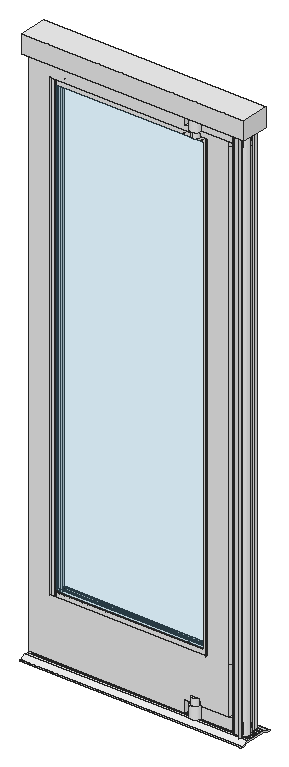
Revit family "Curtain_Door-Single-CRL-Balancer_Series-Aluminum-Full_Frame", category Doors, Revit 2015
Parameters (values of type "SEE CATALOG")
  URL = "http://www.crl-arch.com/index.html"
  Top Rail Height = 0' - 3 1/4"
  Thickness = Panel Thickness  # 0' - 1 7/8"
  Stile Width = 0' - 4 1/4"
  Show Hardware = yes
  Show Concealed Hinge [instance] = yes
  Short Arm = yes
  Product data url = "https://bimobject.com/crlaurence/product/crl-usaalum-balancer-series-full-framed"
  Product Page URL = "http://www.crl-arch.com/product_page/doors_entrances/balanced_doors.html"
  Product Documentation Link = "http://www.crl-arch.com/cad_pdf/doors_entrances/084236_balanced_doors/balancer/balancer_full_framed_balanced_doors.html"
  Panel Thickness = 0' - 1 7/8"
  Panel = Metal - C.R. Laurence - Clear Anodized – Aluminum
  Model = "Balancer Series"
  Material Note = "Custom paint is available please contact vendor for more information"  # constant formula
  Manufacturer = "C.R. Laurence - U.S. Aluminum"  # constant formula
  Long Arm = not(Short Arm)  # no
  Hinge Divide Calc = Hinge Arm Length + 0' 0 7/8" + 0' 2 1/2"  # 0' - 10 1/2"
  Hinge Arm Length = if(Short Arm, 0' 7 1/8", 0' 8 7/8")  # 0' - 7 1/8"
  Hardware Finish = Metal - C.R. Laurence - Clear Anodized – Aluminum
  Glass Thickness = 0' - 1"
  Glass = Glass - C.R. Laurence - Clear Glazing
  Function = Exterior
  Panel Arm Length = if(Short Arm, 1' 0 1/2", 1' 4")  # 1' - 0 1/2"
  Description = "Balancer Series Doors"  # constant formula
  Cylinder Location [instance] = if(Show Concealed Hinge, 0' 1 223/256", 0' 2 5/8")  # 0' - 1 223/256"
  Construction Note = "Maximum Size for Balancer Series is 48\" Wide x 108\" High (1219 x 2743 mm)"
  Bottom Rail Height = 0' - 9.99956"
  Assembly Code = "B2030110"
Reference planes (in)
  plane 1 "Center (Front/Back": y = 0
  plane 2: z = 0
  plane 3 "Center (Left/Right)": x = 21.24894
  plane 4 "Left": x = 3.24894
  plane 5 "Right": x = 39.24894
  plane 6 "Top": z = 90.21571
  plane 7: y = 0.9375
  plane 8: y = -0.9375
  plane 9: x = 39.12394
  plane 10: x = 3.37394
  plane 11: x = 7.62394
  plane 12: x = 31.50285
  plane 13: x = 35.75285
  plane 14: z = 0.6875
  plane 15: z = 10.68706
  plane 16: z = 42
  plane 17: z = 9.93706
  plane 18: x = 7.18644
  plane 19: x = 31.94035
  plane 20: z = 10.37456
  plane 21: z = 2.5011
  plane 22: x = 28.62394
  plane 23: y = 2.21875
  plane 24: y = -2.21875
  plane 25: z = 87.09071
  plane 26: z = 83.84071
  plane 27: z = 84.59071
  plane 28: z = 84.15321
  plane 29: z = 87.21571
  plane 30: z = 85.27711
  plane 31: z = 84.34071
  plane 32: z = 43.88911
  plane 33: x = 29.49894
  plane 34: x = 37.37785
Forms (in)
  Extrusion 1, solid, material "Metal - C.R. Laurence - Clear Anodized – Aluminum" <- "Panel"
    sketch origin (0, 0, 0) x (1, 0, 0) y (0, 1, 0)
      loop
        arc (7.3378, -0.77965) -> (7.32872, -0.80157) -> (7.3068, -0.81065) r 0.031
        line (7.3068, -0.81065) -> (7.0313, -0.81065) -> (6.77175, -0.5511) -> (6.77175, 0.54995) -> (7.0313, 0.8095) -> (7.3068, 0.8095)
        arc (7.3068, 0.8095) -> (7.32872, 0.80042) -> (7.3378, 0.7785) r 0.031
        line (7.3378, 0.7785) -> (7.3378, 0.6945)
        arc (7.3378, 0.6945) -> (7.34688, 0.67258) -> (7.3688, 0.6635) r 0.031
        line (7.3688, 0.6635) -> (7.59294, 0.6635)
        arc (7.59294, 0.6635) -> (7.61486, 0.67258) -> (7.62394, 0.6945) r 0.031
        line (7.62394, 0.6945) -> (7.62394, 0.8645) -> (6.8758, 0.8645) -> (6.8758, 0.9375) -> (3.5178, 0.9375)
        arc (3.5178, 0.9375) -> (3.37394, 0) -> (3.5178, -0.9375) r 3.12666
        line (3.5178, -0.9375) -> (6.8758, -0.9375) -> (6.8758, -0.86565) -> (7.62394, -0.86565) -> (7.62394, -0.69565)
        arc (7.62394, -0.69565) -> (7.61486, -0.67373) -> (7.59294, -0.66465) r 0.031
        line (7.59294, -0.66465) -> (7.3688, -0.66465)
        arc (7.3688, -0.66465) -> (7.34688, -0.67373) -> (7.3378, -0.69565) r 0.031
        line (7.3378, -0.69565) -> (7.3378, -0.77965)
      loop
        line (31.78899, -0.77965) -> (31.78899, -0.69565)
        arc (31.78899, -0.69565) -> (31.77991, -0.67373) -> (31.75799, -0.66465) r 0.031
        line (31.75799, -0.66465) -> (31.53385, -0.66465)
        arc (31.53385, -0.66465) -> (31.51193, -0.67373) -> (31.50285, -0.69565) r 0.031
        line (31.50285, -0.69565) -> (31.50285, -0.86565) -> (32.25098, -0.86565) -> (32.25098, -0.9375) -> (35.60899, -0.9375)
        arc (35.60899, -0.9375) -> (35.75285, 0) -> (35.60899, 0.9375) r 3.12666
        line (35.60899, 0.9375) -> (32.25098, 0.9375) -> (32.25098, 0.8645) -> (31.50285, 0.8645) -> (31.50285, 0.6945)
        arc (31.50285, 0.6945) -> (31.51193, 0.67258) -> (31.53385, 0.6635) r 0.031
        line (31.53385, 0.6635) -> (31.75799, 0.6635)
        arc (31.75799, 0.6635) -> (31.77991, 0.67258) -> (31.78899, 0.6945) r 0.031
        line (31.78899, 0.6945) -> (31.78899, 0.7785)
        arc (31.78899, 0.7785) -> (31.79806, 0.80042) -> (31.81998, 0.8095) r 0.031
        line (31.81998, 0.8095) -> (32.09549, 0.8095) -> (32.35504, 0.54995) -> (32.35504, -0.5511) -> (32.09549, -0.81065) -> (31.81998, -0.81065)
        arc (31.81998, -0.81065) -> (31.79806, -0.80157) -> (31.78899, -0.77965) r 0.031
    from 9.93706 to 84.59071
  Extrusion 2, solid, material "Metal - C.R. Laurence - Clear Anodized – Aluminum" <- "Panel"
    sketch origin (0, 0, 0) x (1, 0, 0) y (0, 1, 0)
      loop
        arc (35.61014, -0.9375) -> (35.754, 0) -> (35.61014, 0.9375) r 3.12666
        line (35.61014, 0.9375) -> (31.50285, 0.9375) -> (31.50285, -0.9375) -> (35.61014, -0.9375)
    from 2.5011 to 9.93706
  Extrusion 3, solid, material "Metal - C.R. Laurence - Clear Anodized – Aluminum" <- "Panel"
    sketch origin (0, 0, 63.25) x (1, 0, 0) y (0, 1, 0)
      loop
        arc (35.61014, -0.9375) -> (35.754, 0) -> (35.61014, 0.9375) r 3.12666
        line (35.61014, 0.9375) -> (31.50285, 0.9375) -> (31.50285, -0.9375) -> (35.61014, -0.9375)
    from 21.34071 to 22.02711
  Extrusion 4, solid, material "Metal - C.R. Laurence - Clear Anodized – Aluminum" <- "Panel", detail levels coarse
    sketch origin (0, 0, 0) x (1, 0, 0) y (0, 0, 1)
      loop
        line (35.75285, 85.27711) -> (28.62379, 85.27711) -> (28.62379, 87.09071) -> (3.37394, 87.09071) -> (3.37394, 83.84071) -> (35.75285, 83.84071) -> (35.75285, 85.27711)
      loop
        line (28.62379, 0.6875) -> (28.62379, 2.5011) -> (35.75285, 2.5011) -> (35.75285, 10.68706) -> (3.37394, 10.68706) -> (3.37394, 0.6875) -> (28.62379, 0.6875)
    from -0.9375 to 0.9375
  Extrusion 5, solid, material "Metal - C.R. Laurence - Clear Anodized – Aluminum" <- "Panel", detail levels coarse
    sketch origin (0, 0, 0) x (1, 0, 0) y (0, 1, 0)
      loop
        line (3.37394, 0.9375) -> (3.37394, -0.9375) -> (7.62394, -0.9375) -> (7.62394, 0.9375) -> (3.37394, 0.9375)
      loop
        line (31.50285, 0.9375) -> (31.50285, -0.9375) -> (35.75285, -0.9375) -> (35.75285, 0.9375) -> (31.50285, 0.9375)
    from 83.84071 to 10.68706
  Extrusion 6, solid, material "Metal - C.R. Laurence - Clear Anodized – Aluminum" <- "Panel"
    sketch origin (-32.37625, 0, 0) x (0, -1, 0) y (0, 0, 1)
      loop
        arc (0.77965, 10.40092) -> (0.80157, 10.39184) -> (0.81065, 10.36992) r 0.031
        line (0.81065, 10.36992) -> (0.81065, 10.09442) -> (0.5511, 9.83486) -> (-0.54995, 9.83486) -> (-0.8095, 10.09442) -> (-0.8095, 10.36992)
        arc (-0.8095, 10.36992) -> (-0.80042, 10.39184) -> (-0.7785, 10.40092) r 0.031
        line (-0.7785, 10.40092) -> (-0.6945, 10.40092)
        arc (-0.6945, 10.40092) -> (-0.67258, 10.41) -> (-0.6635, 10.43192) r 0.031
        line (-0.6635, 10.43192) -> (-0.6635, 10.65606)
        arc (-0.6635, 10.65606) -> (-0.67258, 10.67798) -> (-0.6945, 10.68706) r 0.031
        line (-0.6945, 10.68706) -> (-0.8645, 10.68706) -> (-0.8645, 9.93706) -> (-0.9375, 9.93706) -> (-0.9375, 0.6875) -> (0.9375, 0.6875) -> (0.9375, 9.93706) -> (0.86565, 9.93706) -> (0.86565, 10.68706) -> (0.69565, 10.68706)
        arc (0.69565, 10.68706) -> (0.67373, 10.67798) -> (0.66465, 10.65606) r 0.031
        line (0.66465, 10.65606) -> (0.66465, 10.43192)
        arc (0.66465, 10.43192) -> (0.67373, 10.41) -> (0.69565, 10.40092) r 0.031
        line (0.69565, 10.40092) -> (0.77965, 10.40092)
      loop
        line (0.77965, 84.12866) -> (0.69565, 84.12866)
        arc (0.69565, 84.12866) -> (0.67373, 84.11958) -> (0.66465, 84.09766) r 0.031
        line (0.66465, 84.09766) -> (0.66465, 83.87171)
        arc (0.66465, 83.87171) -> (0.67373, 83.84979) -> (0.69565, 83.84071) r 0.031
        line (0.69565, 83.84071) -> (0.86565, 83.84071) -> (0.86565, 84.59071) -> (0.9375, 84.59071) -> (0.9375, 87.09071) -> (-0.9375, 87.09071) -> (-0.9375, 84.59071) -> (-0.8645, 84.59071) -> (-0.8645, 83.84071) -> (-0.6945, 83.84071)
        arc (-0.6945, 83.84071) -> (-0.67258, 83.84979) -> (-0.6635, 83.87171) r 0.031
        line (-0.6635, 83.87171) -> (-0.6635, 84.09766)
        arc (-0.6635, 84.09766) -> (-0.67258, 84.11958) -> (-0.6945, 84.12866) r 0.031
        line (-0.6945, 84.12866) -> (-0.7785, 84.12866)
        arc (-0.7785, 84.12866) -> (-0.80042, 84.13774) -> (-0.8095, 84.15966) r 0.031
        line (-0.8095, 84.15966) -> (-0.8095, 84.43516) -> (-0.54995, 84.69472) -> (0.5511, 84.69472) -> (0.81065, 84.43516) -> (0.81065, 84.15966)
        arc (0.81065, 84.15966) -> (0.80157, 84.13774) -> (0.77965, 84.12866) r 0.031
    from -61.00019 to -40.00019
  Extrusion 7, solid, material "Metal - C.R. Laurence - Clear Anodized – Aluminum" <- "Panel"
    sketch origin (18.65524, 0, 0) x (0, -1, 0) y (0, 0, 1)
      loop
        arc (0.77965, 10.40092) -> (0.80157, 10.39184) -> (0.81065, 10.36992) r 0.031
        line (0.81065, 10.36992) -> (0.81065, 10.09442) -> (0.5511, 9.83486) -> (-0.54995, 9.83486) -> (-0.8095, 10.09442) -> (-0.8095, 10.36992)
        arc (-0.8095, 10.36992) -> (-0.80042, 10.39184) -> (-0.7785, 10.40092) r 0.031
        line (-0.7785, 10.40092) -> (-0.6945, 10.40092)
        arc (-0.6945, 10.40092) -> (-0.67258, 10.41) -> (-0.6635, 10.43192) r 0.031
        line (-0.6635, 10.43192) -> (-0.6635, 10.65606)
        arc (-0.6635, 10.65606) -> (-0.67258, 10.67798) -> (-0.6945, 10.68706) r 0.031
        line (-0.6945, 10.68706) -> (-0.8645, 10.68706) -> (-0.8645, 9.93706) -> (-0.9375, 9.93706) -> (-0.9375, 2.5011) -> (0.9375, 2.5011) -> (0.9375, 9.93706) -> (0.86565, 9.93706) -> (0.86565, 10.68706) -> (0.69565, 10.68706)
        arc (0.69565, 10.68706) -> (0.67373, 10.67798) -> (0.66465, 10.65606) r 0.031
        line (0.66465, 10.65606) -> (0.66465, 10.43192)
        arc (0.66465, 10.43192) -> (0.67373, 10.41) -> (0.69565, 10.40092) r 0.031
        line (0.69565, 10.40092) -> (0.77965, 10.40092)
      loop
        line (0.77965, 84.12866) -> (0.69565, 84.12866)
        arc (0.69565, 84.12866) -> (0.67373, 84.11958) -> (0.66465, 84.09766) r 0.031
        line (0.66465, 84.09766) -> (0.66465, 83.87171)
        arc (0.66465, 83.87171) -> (0.67373, 83.84979) -> (0.69565, 83.84071) r 0.031
        line (0.69565, 83.84071) -> (0.86565, 83.84071) -> (0.86565, 84.59071) -> (0.9375, 84.59071) -> (0.9375, 85.27711) -> (-0.9375, 85.27711) -> (-0.9375, 84.59071) -> (-0.8645, 84.59071) -> (-0.8645, 83.84071) -> (-0.6945, 83.84071)
        arc (-0.6945, 83.84071) -> (-0.67258, 83.84979) -> (-0.6635, 83.87171) r 0.031
        line (-0.6635, 83.87171) -> (-0.6635, 84.09766)
        arc (-0.6635, 84.09766) -> (-0.67258, 84.11958) -> (-0.6945, 84.12866) r 0.031
        line (-0.6945, 84.12866) -> (-0.7785, 84.12866)
        arc (-0.7785, 84.12866) -> (-0.80042, 84.13774) -> (-0.8095, 84.15966) r 0.031
        line (-0.8095, 84.15966) -> (-0.8095, 84.43516) -> (-0.54995, 84.69472) -> (0.5511, 84.69472) -> (0.81065, 84.43516) -> (0.81065, 84.15966)
        arc (0.81065, 84.15966) -> (0.80157, 84.13774) -> (0.77965, 84.12866) r 0.031
    from -9.9687 to -12.84761
  Extrusion 8, solid, material "Glass - C.R. Laurence - Clear Glazing" <- "Glass"
    sketch origin (0, 0, 0) x (1, 0, 0) y (0, 1, 0)
      loop
        line (7.18644, 0.5) -> (7.18644, -0.5) -> (31.94035, -0.5) -> (31.94035, 0.5) -> (7.18644, 0.5)
    from 10.37456 to 84.34071
  Extrusion 9, solid, material "Metal - C.R. Laurence - Clear Anodized – Aluminum" <- "Panel"
    sketch origin (3.24894, 0, 0) x (0, -1, 0) y (0, 0, 1)
      loop
        line (-2.21875, 87.21571) -> (2.21875, 87.21571) -> (2.21875, 90.21571) -> (-2.21875, 90.21571) -> (-2.21875, 87.21571)
    from -35.875 to -0.125
  Extrusion 10, solid, material "Metal - C.R. Laurence - Clear Anodized – Aluminum" <- "Panel"
    sketch origin (0, 0, 0) x (1, 0, 0) y (0, 1, 0)
      loop
        arc (3.5178, 0.9375) -> (3.37394, 0) -> (3.5178, -0.9375) r 3.12666
        line (3.5178, -0.9375) -> (7.62394, -0.9375) -> (7.62394, 0.9375) -> (3.5178, 0.9375)
    from 0.6875 to 9.93706
  Extrusion 11, solid, material "Metal - C.R. Laurence - Clear Anodized – Aluminum" <- "Panel"
    sketch origin (0, 0, 0) x (1, 0, 0) y (0, 1, 0)
      loop
        arc (3.5178, 0.9375) -> (3.37394, 0) -> (3.5178, -0.9375) r 3.12666
        line (3.5178, -0.9375) -> (7.62394, -0.9375) -> (7.62394, 0.9375) -> (3.5178, 0.9375)
    from 84.59071 to 87.09071
Cuts and joins
  joined: Extrusion 4, Extrusion 5
  joined: Extrusion 1, Extrusion 2, Extrusion 3, Extrusion 6, Extrusion 7, Extrusion 10, Extrusion 11
Lines and regions (in)
  symbolic lines, style "Elevation Swing"
    curve 1: line (3.37394, 0, 87.09071) -> (29.49894, 0, 43.88911)
    curve 2: line (29.49894, 0, 43.88911) -> (3.37394, 0, 0.6875)
    curve 3: line (35.75285, 0, 87.09071) -> (29.49894, 0, 43.88911)
    curve 4: line (35.75285, 0, 0.6875) -> (29.49894, 0, 43.88911)
Text (in)
  text "Exterior" at (-65.12119, 31.38743, 0), in view "Ref. Level"
  text "MS390" at (405.28343, -6.05399, 0), in view "Ref. Level"
  text "MS390" at (408.97405, -6.05399, 0), in view "Ref. Level"
  text "M751" at (403.09821, -4.35467, 0), in view "Ref. Level"
  text "M751" at (410.94956, -4.35467, 0), in view "Ref. Level"
Dimensions and locks (in)
  equal spacing: plane 4 "Left", plane 3 "Center (Left/Right)", plane 5 "Right"
  equal spacing: plane 7, plane 1 "Center (Front/Back", plane 8
  locked: plane 7 to plane 8 at 1.875
  locked: plane 14 to level at 0.6875
  "Bottom Rail Height": plane 15 to plane 14
  locked: level to plane 16 at 42
  plane 11 to Extrusion 1 sketch curve to Extrusion 1 sketch curve to Extrusion 1 sketch curve to Extrusion 1 sketch curve to Extrusion 1 sketch curve = 0' - 0.28614" locked, 0' - 0.3065" locked, 0' - 0" locked, 0' - 0.1555" locked, 0' - 0.10406" locked
  locked: plane 10 to Extrusion 1 sketch curve at 0
  plane 12 to Extrusion 1 sketch curve to Extrusion 1 sketch curve to Extrusion 1 sketch curve to Extrusion 1 sketch curve to Extrusion 1 sketch curve = 0' - 0.28614" locked, 0' - 0.3065" locked, 0' - 0" locked, 0' - 0.1555" locked, 0' - 0.10406" locked
  locked: plane 13 to Extrusion 1 sketch curve at 0
  locked: plane 13 to Extrusion 2 sketch curve at 0.00116
  locked: plane 17 to plane 15 at 0.75
  Extrusion 6 sketch curve to Extrusion 6 sketch curve to Extrusion 6 sketch curve to plane 15 = 0' - 0.25955" locked, 0' - 0.3065" locked, 0' - 0.28614" locked
  plane 7 to Extrusion 6 sketch curve to Extrusion 6 sketch curve to Extrusion 6 sketch curve to Extrusion 6 sketch curve = 0' - 0.073" locked, 0' - 0.055" locked, 0' - 0.146" locked, 0' - 0.11355" locked
  Extrusion 6 sketch curve to Extrusion 6 sketch curve to Extrusion 6 sketch curve to Extrusion 6 sketch curve to plane 8 = 0' - 0.11355" locked, 0' - 0.146" locked, 0' - 0.055" locked, 0' - 0.07185" locked
  Extrusion 7 sketch curve to Extrusion 7 sketch curve to Extrusion 7 sketch curve to plane 15 = 0' - 0.25955" locked, 0' - 0.3065" locked, 0' - 0.28614"
  plane 7 to Extrusion 7 sketch curve to Extrusion 7 sketch curve to Extrusion 7 sketch curve to Extrusion 7 sketch curve = 0' - 0.073" locked, 0' - 0.055" locked, 0' - 0.146" locked, 0' - 0.11355" locked
  Extrusion 7 sketch curve to Extrusion 7 sketch curve to Extrusion 7 sketch curve to Extrusion 7 sketch curve to plane 8 = 0' - 0.11355" locked, 0' - 0.146" locked, 0' - 0.055" locked, 0' - 0.07185" locked
  locked: plane 17 to plane 20 at 0.4375
  equal spacing: Extrusion 8 sketch curve, plane 1 "Center (Front/Back", Extrusion 8 sketch curve
  "Glass Thickness": Extrusion 8 sketch curve to Extrusion 8 sketch curve
  locked: plane 2 to plane 21 at 2.5011
  locked: plane 13 to Extrusion 3 sketch curve at 0.00116
  equal spacing: plane 23, plane 1 "Center (Front/Back", plane 24
  locked: plane 23 to plane 24 at 4.4375
  locked: plane 26 to plane 27 at 0.75
  locked: plane 28 to plane 27 at 0.4375
  Extrusion 6 sketch curve to Extrusion 6 sketch curve to Extrusion 6 sketch curve to plane 26 = 0' - 0.25955" locked, 0' - 0.3065" locked, 0' - 0.28795" locked
  Extrusion 6 sketch curve to Extrusion 6 sketch curve to Extrusion 6 sketch curve to Extrusion 6 sketch curve = 0' - 0.055" locked, 0' - 0.146" locked, 0' - 0.11355" locked
  Extrusion 6 sketch curve to Extrusion 6 sketch curve to Extrusion 6 sketch curve to Extrusion 6 sketch curve = 0' - 0.11355" locked, 0' - 0.146" locked, 0' - 0.055" locked
  Extrusion 7 sketch curve to Extrusion 7 sketch curve to Extrusion 7 sketch curve to plane 26 = 0' - 0.25955" locked, 0' - 0.3065" locked, 0' - 0.28795" locked
  Extrusion 7 sketch curve to Extrusion 7 sketch curve to Extrusion 7 sketch curve to Extrusion 7 sketch curve = 0' - 0.055" locked, 0' - 0.146" locked, 0' - 0.11355" locked
  Extrusion 7 sketch curve to Extrusion 7 sketch curve to Extrusion 7 sketch curve to Extrusion 7 sketch curve = 0' - 0.11355" locked, 0' - 0.146" locked, 0' - 0.055" locked
  plane 6 "Top" to plane 29 to plane 25 = 0' - 3" locked, 0' - 0 1/8" locked
  "Top Rail Height": plane 25 to plane 26
  locked: plane 30 to plane 25 at 1.8136
  locked: plane 31 to plane 28 at 0.1875
  equal spacing: plane 14, plane 32, plane 25
  locked: plane 4 "Left" to plane 10 at 0.125
  locked: plane 9 to plane 5 "Right" at 0.125
  "Cylinder Location": plane 34 to plane 5 "Right"
  locked: plane 13 to plane 34 at 1.625
  "Stile Width": plane 12 to plane 13
  "Stile Width": plane 10 to plane 11
  locked: plane 18 to plane 11 at 0.4375
  locked: plane 12 to plane 19 at 0.4375
  locked: plane 22 to plane 33 at 0.875
  "Hinge Divide Calc": plane 22 to plane 9
  aligned and locked: level to plane 2
  aligned and locked: Extrusion 1 sketch curve to Extrusion 1 sketch curve  (x4)
  aligned and locked: plane 7 to Extrusion 1 sketch curve
  aligned and locked: Extrusion 1 sketch curve to plane 8
  aligned and locked: plane 11 to Extrusion 1 sketch curve
  aligned and locked: Extrusion 1 sketch curve to plane 11
  aligned and locked: Extrusion 1 sketch curve to plane 7
  aligned and locked: plane 8 to Extrusion 1 sketch curve
  aligned and locked: plane 7 to Extrusion 2 sketch curve
  aligned and locked: Extrusion 2 sketch curve to plane 8
  aligned and locked: plane 12 to Extrusion 2 sketch curve
  aligned and locked: plane 13 to Extrusion 4 sketch curve  (x2)
  aligned and locked: plane 14 to Extrusion 4 sketch curve
  aligned and locked: plane 15 to Extrusion 4 sketch curve
  aligned and locked: plane 7 to Extrusion 4
  aligned and locked: Extrusion 4 to plane 8
  aligned and locked: Extrusion 5 sketch curve to plane 7  (x2)
  aligned and locked: Extrusion 5 sketch curve to plane 8  (x2)
  aligned and locked: Extrusion 5 sketch curve to plane 10
  aligned and locked: Extrusion 5 sketch curve to plane 11
  aligned and locked: Extrusion 5 sketch curve to plane 12
  aligned and locked: Extrusion 5 sketch curve to plane 13
  aligned and locked: Extrusion 5 to plane 15
  aligned and locked: plane 17 to Extrusion 2
  aligned and locked: Extrusion 1 to plane 17
  aligned and locked: Extrusion 6 sketch curve to Extrusion 6 sketch curve  (x4)
  aligned and locked: Extrusion 7 sketch curve to Extrusion 7 sketch curve  (x4)
  aligned and locked: plane 12 to Extrusion 7
  aligned and locked: Extrusion 6 sketch curve to plane 15
  aligned and locked: plane 17 to Extrusion 6 sketch curve
  aligned and locked: plane 14 to Extrusion 6 sketch curve
  aligned and locked: plane 8 to Extrusion 6 sketch curve
  aligned and locked: plane 7 to Extrusion 6 sketch curve
  aligned and locked: Extrusion 7 sketch curve to plane 15
  aligned and locked: plane 17 to Extrusion 7 sketch curve
  aligned and locked: plane 7 to Extrusion 7 sketch curve
  aligned and locked: plane 8 to Extrusion 7 sketch curve
  aligned and locked: Extrusion 8 sketch curve to plane 18
  aligned and locked: plane 19 to Extrusion 8 sketch curve
  aligned and locked: Extrusion 8 to plane 20
  aligned and locked: plane 9 to nested 1
  aligned and locked: plane 1 "Center (Front/Back" to nested 1
  aligned and locked: plane 19 to Extrusion 8
  aligned and locked: Extrusion 3 to Extrusion 1
  aligned and locked: nested 2 to plane 14
  aligned and locked: nested 2 to plane 1 "Center (Front/Back"
  aligned and locked: nested 3 to plane 1 "Center (Front/Back"
  aligned and locked: plane 13 to nested 3  (x2)
  aligned and locked: Extrusion 2 to plane 21
  aligned and locked: Extrusion 7 to plane 21
  aligned and locked: plane 21 to Extrusion 2
  aligned and locked: Extrusion 7 to plane 12  (x3)
  aligned and locked: Extrusion 3 to plane 12
  aligned and locked: Extrusion 7 to plane 22
  aligned and locked: plane 22 to Extrusion 6
  aligned and locked: Extrusion 3 to Extrusion 7
  aligned and locked: Extrusion 6 to Extrusion 7
  aligned and locked: Extrusion 2 to Extrusion 7
  aligned and locked: Extrusion 9 sketch curve to plane 23
  aligned and locked: plane 24 to Extrusion 9 sketch curve
  aligned and locked: plane 9 to Extrusion 9
  aligned and locked: nested 2 to plane 25
  aligned and locked: plane 25 to Extrusion 6 sketch curve
  aligned and locked: Extrusion 4 sketch curve to plane 26
  aligned and locked: Extrusion 9 sketch curve to plane 29
  aligned and locked: Extrusion 4 sketch curve to plane 25
  aligned and locked: plane 26 to Extrusion 5
  aligned and locked: Extrusion 9 to plane 6 "Top"
  aligned and locked: Extrusion 6 sketch curve to plane 26
  aligned and locked: plane 26 to Extrusion 6 sketch curve
  aligned and locked: plane 27 to Extrusion 6 sketch curve
  aligned and locked: Extrusion 7 sketch curve to plane 26
  aligned and locked: plane 26 to Extrusion 7 sketch curve
  aligned and locked: plane 27 to Extrusion 7 sketch curve
  aligned and locked: Extrusion 3 to plane 27
  aligned and locked: plane 27 to Extrusion 1
  aligned and locked: plane 27 to Extrusion 3  (x2)
  aligned and locked: plane 30 to Extrusion 3
  aligned and locked: plane 31 to Extrusion 8
  aligned and locked: plane 11 to Extrusion 6
  aligned and locked: Extrusion 9 to plane 10
  aligned and locked: plane 10 to nested 1
  aligned and locked: Extrusion 4 sketch curve to plane 10  (x2)
  aligned and locked: Extrusion 10 sketch curve to plane 7
  aligned and locked: Extrusion 10 sketch curve to plane 8
  aligned and locked: Extrusion 10 sketch curve to plane 11
  aligned and locked: Extrusion 10 sketch curve to Extrusion 1
  aligned and locked: Extrusion 10 to Extrusion 1
  aligned and locked: Extrusion 11 sketch curve to plane 7
  aligned and locked: Extrusion 11 sketch curve to plane 11
  aligned and locked: Extrusion 11 sketch curve to plane 8
  aligned and locked: Extrusion 11 sketch curve to Extrusion 1
  aligned and locked: plane 25 to Extrusion 11
  aligned and locked: Extrusion 11 to plane 27
  aligned and locked: Extrusion 10 to plane 14
  aligned and locked: plane 14 to curve 2
  aligned and locked: plane 10 to curve 2
  aligned and locked: plane 10 to curve 1
  aligned and locked: plane 25 to curve 1
  aligned and locked: plane 33 to curve 2
  aligned and locked: plane 14 to curve 4
  aligned and locked: plane 13 to curve 4
  aligned and locked: plane 32 to curve 3
  aligned and locked: plane 13 to curve 3
  aligned and locked: plane 25 to curve 3
  aligned and locked: nested 4 to plane 1 "Center (Front/Back"
  aligned and locked: nested 4 to plane 34
  aligned and locked: nested 4 to plane 29
  aligned and locked: nested 4 to plane 14
  aligned and locked: nested 3 to plane 10
Automatic sketch dimensions
  plane 1 "Center (Front/Back" to Extrusion 1 sketch curve = 0' - 0"  (x2)
  Extrusion 1 sketch curve to plane 12 = 0' - 0"  (x2)
  Extrusion 1 sketch curve to Extrusion 1 sketch curve = 0' - 0.27114"  (x2)
  Extrusion 1 sketch curve to Extrusion 1 sketch curve = 0' - 0.031"  (x9)
  plane 11 to Extrusion 1 sketch curve = 0' - 0.031"
  plane 12 to Extrusion 1 sketch curve = 0' - 0.031"  (x2)
  plane 8 to Extrusion 1 sketch curve = 0' - 0.12685"  (x2)
  Extrusion 1 sketch curve to Extrusion 1 sketch curve = 0' - 0.31455"  (x4)
  plane 1 "Center (Front/Back" to Extrusion 2 sketch curve = 0' - 0"
  plane 19 to Extrusion 2 sketch curve = 0' - 0.68699"
  Extrusion 3 sketch curve to plane 7 = 0' - 0"
  Extrusion 3 sketch curve to plane 12 = 0' - 0"
  plane 1 "Center (Front/Back" to Extrusion 3 sketch curve = 0' - 0"
  Extrusion 3 sketch curve to plane 8 = 0' - 0"
  plane 19 to Extrusion 3 sketch curve = 0' - 0.68699"
  Extrusion 6 sketch curve to plane 7 = 0' - 0"
  Extrusion 6 sketch curve to plane 15 = 0' - 0"
  Extrusion 6 sketch curve to plane 8 = 0' - 0"
  Extrusion 6 sketch curve to plane 7 = 0' - 0.073"
  Extrusion 6 sketch curve to plane 20 = 0' - 0.00464"
  plane 28 to Extrusion 6 sketch curve = 0' - 0.00645"  (x2)
  Extrusion 6 sketch curve to Extrusion 6 sketch curve = 0' - 0.031"  (x7)
  Extrusion 6 sketch curve to plane 15 = 0' - 0.031"  (x2)
  plane 8 to Extrusion 6 sketch curve = 0' - 0.3864"
  plane 17 to Extrusion 6 sketch curve = 0' - 0.15736"
  Extrusion 6 sketch curve to plane 27 = 0' - 0.15555"
  Extrusion 7 sketch curve to plane 7 = 0' - 0"
  Extrusion 7 sketch curve to plane 15 = 0' - 0"
  Extrusion 7 sketch curve to plane 8 = 0' - 0"
  Extrusion 7 sketch curve to plane 7 = 0' - 0.073"
  Extrusion 7 sketch curve to plane 20 = 0' - 0.00464"
  plane 28 to Extrusion 7 sketch curve = 0' - 0.00645"  (x2)
  Extrusion 7 sketch curve to Extrusion 7 sketch curve = 0' - 0.031"  (x8)
  Extrusion 7 sketch curve to plane 15 = 0' - 0.031"
  plane 8 to Extrusion 7 sketch curve = 0' - 0.3864"
  plane 17 to Extrusion 7 sketch curve = 0' - 0.15736"
  Extrusion 7 sketch curve to plane 27 = 0' - 0.15555"
  plane 6 "Top" to Extrusion 9 sketch curve = 0' - 0"
  plane 8 to Extrusion 1 sketch curve = 0' - 0.07185"  (x2)
  Extrusion 1 sketch curve to Extrusion 1 sketch curve = 0' - 0.17"
  Extrusion 1 sketch curve to Extrusion 1 sketch curve = 0' - 0.084"  (x3)
  Extrusion 1 sketch curve to plane 7 = 0' - 0.38755"  (x2)
  Extrusion 1 sketch curve to plane 7 = 0' - 0.274"  (x2)
  Extrusion 7 sketch curve to plane 21 = 0' - 0"
  Extrusion 7 sketch curve to plane 30 = 0' - 0"
  Extrusion 4 sketch curve to plane 21 = 0' - 0"
  Extrusion 4 sketch curve to plane 30 = 0' - 0"
  Extrusion 4 sketch curve to plane 22 = 0' - 0.00015"  (x2)
Nested families (in)
  nested 1: "Balancer_Threshold" at (21.24894, 0, 0), type "Balancer_Threshold"
    with Width 2' - 11 3/4"
  nested 2: "Detail_Item-CRL-Balancer_Doors_Series-Section" at (3.24894, -0.9375, 43.88911) x (0, 0, 1) z (-1, 0, 0), type "Standard"
    with Height 7' - 2.40321", Top Rail Height 0' - 3 1/4"
  nested 3: "Detail_Item-CRL-Balancer_Doors_Series-Out_Swing-Plan" at (19.56339, -12.5, 0), type "Standard"
    with built-in parameter 1001301 2' - 8 97/256", Stile Width 0' - 4 1/4", Hinge Stile Width 0' - 4 1/4"
  nested 4: "Balancer_Frame-Hinge" at (34.87785, 0, 0) x (-1, 0, 0) z (0, 0, 1), type "Standard"
    with built-in parameter 1001300 7' - 3.21571"
Definition of nested family "Balancer_Threshold"
  Parameters
    Width [instance] = 2' - 10"
    Finish = none
  Reference planes (in)
    plane 1 "Center (Front/Back)": y = 0
    plane 2: z = 0
    plane 3 "Center (Left/Right)": x = 0
    plane 4: x = -17
    plane 5: x = 17
  Forms (in)
    Extrusion 1, solid, material <- "Finish", detail levels fine
      sketch origin (-16.06063, 1.11843, 0) x (0, -1, 0) y (0, 0, 1)
        loop
          line (-0.87776, 0.25) -> (2.79976, 0.25) -> (3.3782, 0.03946)
          arc (3.3782, 0.03946) -> (3.39591, 0.02368) -> (3.39728, 0) r 0.031
          line (3.39728, 0) -> (3.71102, 0) -> (3.71102, 0.03087)
          arc (3.71102, 0.03087) -> (3.68892, 0.10183) -> (3.63046, 0.14771) r 0.125
          line (3.63046, 0.14771) -> (2.66252, 0.5) -> (2.17365, 0.5)
          arc (2.17365, 0.5) -> (2.08602, 0.44) -> (1.99838, 0.5) r 0.094
          line (1.99838, 0.5) -> (1.79865, 0.5)
          arc (1.79865, 0.5) -> (1.71102, 0.44) -> (1.62338, 0.5) r 0.094
          line (1.62338, 0.5) -> (1.42365, 0.5)
          arc (1.42365, 0.5) -> (1.33602, 0.44) -> (1.24838, 0.5) r 0.094
          line (1.24838, 0.5) -> (1.04865, 0.5)
          arc (1.04865, 0.5) -> (0.96102, 0.44) -> (0.87338, 0.5) r 0.094
          line (0.87338, 0.5) -> (0.67365, 0.5)
          arc (0.67365, 0.5) -> (0.58602, 0.44) -> (0.49838, 0.5) r 0.094
          line (0.49838, 0.5) -> (0.29865, 0.5)
          arc (0.29865, 0.5) -> (0.21102, 0.44) -> (0.12338, 0.5) r 0.094
          line (0.12338, 0.5) -> (-0.07635, 0.5)
          arc (-0.07635, 0.5) -> (-0.16398, 0.44) -> (-0.25162, 0.5) r 0.094
          line (-0.25162, 0.5) -> (-0.69646, 0.5)
          arc (-0.69646, 0.5) -> (-0.7387, 0.49641) -> (-0.77973, 0.48573) r 0.25
          line (-0.77973, 0.48573) -> (-1.70819, 0.1478)
          arc (-1.70819, 0.1478) -> (-1.77486, 0.08858) -> (-1.78511, 0) r 0.125
          line (-1.78511, 0) -> (-1.47528, 0)
          arc (-1.47528, 0) -> (-1.47422, 0.02301) -> (-1.45758, 0.03894) r 0.031
          line (-1.45758, 0.03894) -> (-0.87776, 0.25)
      from 0.93937 to -33.06063
    Extrusion 2, solid, material <- "Finish", detail levels coarse
      sketch origin (0, 0.15743, 0) x (0, 1, 0) y (0, 0, 1)
        loop
          line (2.74998, 0.11838) -> (1.7015, 0.5) -> (-1.70152, 0.5) -> (-2.75002, 0.11838) -> (-2.75002, 0) -> (2.74998, 0) -> (2.74998, 0.11838)
      from -17 to 17
    Extrusion 3, solid, material <- "Finish", detail levels medium
      sketch origin (-16.06063, 1.11843, 0) x (0, -1, 0) y (0, 0, 1)
        loop
          line (-1.78511, 0) -> (3.71102, 0) -> (3.71102, 0.03087)
          arc (3.71102, 0.03087) -> (3.68892, 0.10183) -> (3.63046, 0.14771) r 0.125
          line (3.63046, 0.14771) -> (2.66252, 0.5) -> (2.17365, 0.5)
          arc (2.17365, 0.5) -> (2.08602, 0.44) -> (1.99838, 0.5) r 0.094
          line (1.99838, 0.5) -> (1.79865, 0.5)
          arc (1.79865, 0.5) -> (1.71102, 0.44) -> (1.62338, 0.5) r 0.094
          line (1.62338, 0.5) -> (1.42365, 0.5)
          arc (1.42365, 0.5) -> (1.33602, 0.44) -> (1.24838, 0.5) r 0.094
          line (1.24838, 0.5) -> (1.04865, 0.5)
          arc (1.04865, 0.5) -> (0.96102, 0.44) -> (0.87338, 0.5) r 0.094
          line (0.87338, 0.5) -> (0.67365, 0.5)
          arc (0.67365, 0.5) -> (0.58602, 0.44) -> (0.49838, 0.5) r 0.094
          line (0.49838, 0.5) -> (0.29865, 0.5)
          arc (0.29865, 0.5) -> (0.21102, 0.44) -> (0.12338, 0.5) r 0.094
          line (0.12338, 0.5) -> (-0.07635, 0.5)
          arc (-0.07635, 0.5) -> (-0.16398, 0.44) -> (-0.25162, 0.5) r 0.094
          line (-0.25162, 0.5) -> (-0.7405, 0.5) -> (-1.70819, 0.1478)
          arc (-1.70819, 0.1478) -> (-1.77486, 0.08858) -> (-1.78511, 0) r 0.125
      from 0.93937 to -33.06063
  Dimensions and locks (in)
    equal spacing: plane 4, plane 3 "Center (Left/Right)", plane 5
    "Width": plane 4 to plane 5
    aligned and locked: plane 2 to level
    aligned and locked: Extrusion 2 to plane 4
    aligned and locked: Extrusion 1 to plane 4
    aligned and locked: plane 5 to Extrusion 2
    aligned and locked: plane 5 to Extrusion 1
    aligned and locked: Extrusion 3 to plane 4
    aligned and locked: plane 5 to Extrusion 3
  Automatic sketch dimensions
    Extrusion 2 sketch curve to level = 0' - 0"
    level to Extrusion 2 sketch curve = 0' - 0.11838"  (x2)
    Extrusion 2 sketch curve to Extrusion 2 sketch curve = 0' - 1.04849"
    level to Extrusion 2 sketch curve = 0' - 0 1/2"
    Extrusion 2 sketch curve to plane 1 "Center (Front/Back)" = 0' - 1.85893"
    Extrusion 2 sketch curve to Extrusion 2 sketch curve = 0' - 1.04848"
    Extrusion 3 sketch curve to plane 1 "Center (Front/Back)" = 0' - 1.85893"
    level to Extrusion 3 sketch curve = 0' - 0.03087"  (x2)
    level to Extrusion 3 sketch curve = 0' - 0.14779"
    Extrusion 3 sketch curve to Extrusion 3 sketch curve = 0' - 0.0442"
    level to Extrusion 3 sketch curve = 0' - 0.1477"
    Extrusion 3 sketch curve to Extrusion 3 sketch curve = 0' - 0.04444"
    Extrusion 3 sketch curve to Extrusion 3 sketch curve = 0' - 0.92348"
    Extrusion 3 sketch curve to Extrusion 3 sketch curve = 0' - 0.92349"
    Extrusion 3 sketch curve to level = 0' - 0"
    plane 1 "Center (Front/Back)" to Extrusion 3 sketch curve = 0' - 1.5441"
    Extrusion 3 sketch curve to Extrusion 3 sketch curve = 0' - 0.08764"  (x6)
    Extrusion 3 sketch curve to plane 1 "Center (Front/Back)" = 0' - 0.24505"
    Extrusion 3 sketch curve to Extrusion 3 sketch curve = 0' - 0.034"
    Extrusion 2 sketch curve to Extrusion 2 sketch curve = 0' - 3.40303"
    Extrusion 1 sketch curve to level = 0' - 0"  (x2)
    Extrusion 1 sketch curve to plane 1 "Center (Front/Back)" = 0' - 2.90354"
    level to Extrusion 1 sketch curve = 0' - 0.14779"
    Extrusion 1 sketch curve to Extrusion 1 sketch curve = 0' - 0.07693"
    level to Extrusion 1 sketch curve = 0' - 0.03087"  (x2)
    Extrusion 1 sketch curve to Extrusion 1 sketch curve = 0' - 0.18871"
    level to Extrusion 1 sketch curve = 0' - 0.03894"
    Extrusion 1 sketch curve to Extrusion 1 sketch curve = 0' - 0.0177"
    level to Extrusion 1 sketch curve = 0' - 0.01018"  (x2)
    level to Extrusion 1 sketch curve = 0' - 0 1/4"
    Extrusion 1 sketch curve to Extrusion 1 sketch curve = 0' - 0.56824"  (x2)
    level to Extrusion 1 sketch curve = 0' - 0.48572"
    Extrusion 1 sketch curve to Extrusion 1 sketch curve = 0' - 0.09803"
    Extrusion 1 sketch curve to Extrusion 1 sketch curve = 0' - 0.08327"
    Extrusion 1 sketch curve to Extrusion 1 sketch curve = 0' - 0.44483"
    Extrusion 1 sketch curve to Extrusion 1 sketch curve = 0' - 0.08764"  (x12)
    Extrusion 1 sketch curve to Extrusion 1 sketch curve = 0' - 0.19973"  (x5)
    Extrusion 1 sketch curve to plane 1 "Center (Front/Back)" = 0' - 0.24505"
    Extrusion 1 sketch curve to plane 1 "Center (Front/Back)" = 0' - 0.15741"
    Extrusion 1 sketch curve to plane 1 "Center (Front/Back)" = 0' - 0.06978"
    Extrusion 1 sketch curve to Extrusion 1 sketch curve = 0' - 0.48887"
    Extrusion 1 sketch curve to Extrusion 1 sketch curve = 0' - 0.13724"
    level to Extrusion 1 sketch curve = 0' - 0.03946"
    Extrusion 1 sketch curve to Extrusion 1 sketch curve = 0' - 0.0102"
    Extrusion 1 sketch curve to Extrusion 1 sketch curve = 0' - 0.18874"
    level to Extrusion 1 sketch curve = 0' - 0.1477"
    Extrusion 1 sketch curve to Extrusion 1 sketch curve = 0' - 0.04444"
    Extrusion 1 sketch curve to Extrusion 1 sketch curve = 0' - 0"
    Extrusion 1 sketch curve to Extrusion 1 sketch curve = 0' - 0.034"  (x7)
Definition of nested family "Balancer_Frame-Hinge"
  Parameters
    Hinge Radius = 0' - 1"  # constant formula
    Hinge Finish = none
    Height [instance] = 7' - 0"
    Exposed Hinge Tube Jamb = not(Concealed Hinge Tube Jamb)  # no
    Cylinder Location = 0' - 2 5/8"
    Concealed Hinge Tube Jamb = yes
    Arm Length = 0' - 7 1/8"
    Analytic Construction = "<None>"
  Reference planes (in)
    plane 1 "Center (Front/Back)": y = 0
    plane 2: z = 0
    plane 3 "Center (Left/Right)": x = -3.28125
    plane 4: x = -5.125
    plane 5: x = -1.4375
    plane 6: y = 2.25
    plane 7: y = -2.25
    plane 8: x = 4.625
    plane 9: x = -4.15625
    plane 10: x = -2.5
    plane 11: y = -1
    plane 12: y = 1
    plane 13: y = -0.875
    plane 14: y = 1.125
    plane 15: x = 5.50015
    plane 16: x = 0
    plane 17: y = -7.125
    plane 18: y = -3.62266
    plane 19: x = -0.87617
  Forms (in)
    Extrusion 1, solid, material <- "Hinge Finish"
      sketch origin (0, 0, 0) x (1, 0, 0) y (0, 1, 0)
        loop
          circle (-2.5, 0) r 1
      from 0.5 to 84
    Extrusion 2, solid, material <- "Hinge Finish", visible <- "Exposed Hinge Tube Jamb"
      sketch origin (0, 0, 0) x (1, 0, 0) y (0, 1, 0)
        loop
          line (-5.125, 2.25) -> (-5.125, -2.25) -> (-4.15625, -2.25) -> (-4.15625, 2.25) -> (-5.125, 2.25)
      from 0.5 to 84
    Extrusion 3, solid, material <- "Hinge Finish", visible <- "Concealed Hinge Tube Jamb", detail levels coarse
      sketch origin (0, 0, 0) x (1, 0, 0) y (0, 1, 0)
        loop
          line (-1.4375, -1.016) -> (-1.4375, 1.016) -> (-3.01172, 1.25343) -> (-3.01172, 1.75006) -> (-3.09172, 1.75006) -> (-3.09172, -1.74994) -> (-3.01172, -1.74994) -> (-3.01172, -1.25342) -> (-1.4375, -1.016)
      from 0.5 to 84
    Extrusion 4, solid, material <- "Hinge Finish", visible <- "Concealed Hinge Tube Jamb", detail levels medium+fine
      sketch origin (0, 0, 0) x (1, 0, 0) y (0, 1, 0)
        loop
          line (-1.48477, 1.02428) -> (-2.97629, 1.25047)
          arc (-2.97629, 1.25047) -> (-3.00212, 1.27333) -> (-3.01172, 1.30646) r 0.06197
          line (-3.01172, 1.30646) -> (-3.01172, 1.75006) -> (-3.09172, 1.75006) -> (-3.09172, 1.30643)
          arc (-3.09172, 1.30643) -> (-3.06539, 1.22406) -> (-2.99616, 1.17224) r 0.142
          line (-2.99616, 1.17224) -> (-1.55968, 0.95435)
          arc (-1.55968, 0.95435) -> (-1.52948, 0.93744) -> (-1.5175, 0.90497) r 0.05
          line (-1.5175, 0.90497) -> (-1.5175, -0.90497)
          arc (-1.5175, -0.90497) -> (-1.52948, -0.93744) -> (-1.55967, -0.95435) r 0.05
          line (-1.55967, -0.95435) -> (-2.96339, -1.15812)
          arc (-2.96339, -1.15812) -> (-3.05518, -1.20837) -> (-3.09172, -1.30643) r 0.14986
          line (-3.09172, -1.30643) -> (-3.09172, -1.75006) -> (-3.01172, -1.75006) -> (-3.01172, -1.30646)
          arc (-3.01172, -1.30646) -> (-2.99471, -1.26078) -> (-2.95195, -1.23736) r 0.06983
          line (-2.95195, -1.23736) -> (-1.48975, -1.02433)
          arc (-1.48975, -1.02433) -> (-1.45223, -1.00335) -> (-1.43734, -0.96302) r 0.06207
          line (-1.43734, -0.96302) -> (-1.43734, 0.96353)
          arc (-1.43734, 0.96353) -> (-1.4506, 1.00207) -> (-1.48477, 1.02428) r 0.06262
      from 0.5 to 84
    Extrusion 5, solid, material <- "Hinge Finish"
      sketch origin (0, 0, 0) x (1, 0, 0) y (0, 1, 0)
        loop
          line (-2.01588, -0.875) -> (3.74985, -0.875)
          arc (3.74985, -0.875) -> (5.37497, -1.32543) -> (4.21528, -0.10109) r 0.87515
          line (4.21528, -0.10109) -> (-0.48953, 0.40625) -> (-1.58624, 0.40625)
          arc (-1.58624, 0.40625) -> (-3.44811, 0.31793) -> (-2.01588, -0.875) r 1
      from 0.6875 to 2.5011
    Extrusion 6, solid, material <- "Hinge Finish", detail levels fine
      sketch origin (0, 0, 0) x (1, 0, 0) y (0, 1, 0)
        loop
          circle (4.625, -0.8745) r 0.625
      from 2.5011 to 3.5011
    Extrusion 7, solid, material <- "Hinge Finish"
      sketch origin (0, 0, 73.00258) x (0, -1, 0) y (1, 0, 0)
        loop
          line (0.875, -2.01588) -> (0.875, 3.74985)
          arc (0.875, 3.74985) -> (1.38383, 5.3366) -> (0.04577, 4.34349) r 0.87515
          line (0.04577, 4.34349) -> (-0.40625, -0.4888) -> (-0.40625, -1.58624)
          arc (-0.40625, -1.58624) -> (-0.31793, -3.44811) -> (0.875, -2.01588) r 1
      from 10.87242 to 9.05882
    Extrusion 8, solid, material <- "Hinge Finish", detail levels fine
      sketch origin (0, 0, 73.00258) x (0, -1, 0) y (1, 0, 0)
        loop
          circle (0.8745, 4.625) r 0.625
      from 9.05882 to 8.05882
  Lines and regions (in)
    Masking region 1
      outline origin (0, 0, 0) x (1, 0, 0) y (0, 1, 0)
        loop
          circle (-2.5, 0) r 1
    Masking region 2, visible <- "Exposed Hinge Tube Jamb"
      outline origin (0, 0, 0) x (1, 0, 0) y (0, 1, 0)
        loop
          line (-5.125, 2.25) -> (-5.125, -2.25) -> (-4.15625, -2.25) -> (-4.15625, 2.25) -> (-5.125, 2.25)
    Filled region 1, type "PBD BTM SHORT ARM.dwg-1", in view "Ref. Level"
      outline origin (0, 0, 0) x (1, 0, 0) y (0, 1, 0)
        loop
          line (-0.8532, -0.12504) -> (-0.67348, -0.1251)
          arc (-0.67348, -0.1251) -> (0.685, 0) -> (-0.67348, 0.1251) r 0.685
          line (-0.67348, 0.1251) -> (-0.85317, 0.12504)
          arc (-0.85317, 0.12504) -> (0.8627, -0.0002) -> (-0.8532, -0.12504) r 0.8625
    Masking region 3, detail levels medium+fine
      outline origin (0, 0, 0) x (1, 0, 0) y (0, 1, 0)
        loop
          line (0.44166, -5.97501) -> (-1.19657, -1.5837) -> (-1.71198, -0.61565)
          arc (-1.71198, -0.61565) -> (-2.6271, 0.99189) -> (-3.10734, -0.79445) r 1
          line (-3.10734, -0.79445) -> (-0.46019, -5.92789)
          arc (-0.46019, -5.92789) -> (-0.09404, -7.57405) -> (0.44166, -5.97501) r 0.87515
    Masking region 4, visible <- "Concealed Hinge Tube Jamb", detail levels coarse+medium
      outline origin (0, 0, 0) x (1, 0, 0) y (0, 1, 0)
        loop
          line (-1.4375, 1.016) -> (-3.01172, 1.25343) -> (-3.01172, 1.75006) -> (-3.09172, 1.75006) -> (-3.09172, -1.74994) -> (-3.01172, -1.74994) -> (-3.01172, -1.25342) -> (-1.4375, -1.016) -> (-1.4375, 1.016)
    symbolic lines, detail levels medium+fine
      curve 1: circle (-2.5, 0, 0) r 0.6875 normal (0, 0, 1)
    symbolic lines, detail levels fine
      curve 2: circle (-2.5, 0, 0) r 0.09679 normal (0, 0, 1)
    reference lines
      curve 3: line (-33.56413, 0, 84) -> (44.56082, 0, 84)
      curve 4: line (-24.46725, 0, 83.875) -> (20.19286, 0, 83.875)
      curve 5: line (-24.46725, 0, 82.0614) -> (20.19286, 0, 82.0614)
      curve 6: line (-33.56413, 0, 0) -> (44.56082, 0, 0)
      curve 7: line (-24.46725, 0, 0.6875) -> (20.19286, 0, 0.6875)
      curve 8: line (-24.46725, 0, 2.5011) -> (20.19286, 0, 2.5011)
      curve 9: line (-24.46725, 0, 0.5) -> (26.1577, 0, 0.5)
    symbolic lines, detail levels coarse
      curve 10: line (-2.5, 0, 0) -> (-0.87617, -3.62266, 0)
  Dimensions and locks (in)
    equal spacing: plane 4, plane 3 "Center (Left/Right)", plane 5
    equal spacing: plane 6, plane 1 "Center (Front/Back)", plane 7
    locked: plane 6 to plane 7 at 4.5
    "Arm Length": plane 10 to plane 8
    locked: plane 4 to plane 9 at 0.96875
    equal spacing: plane 11, plane 1 "Center (Front/Back)", plane 12
    plane 12 to plane 11 = 0' - 2"
    locked: Extrusion 6 sketch curve to plane 1 "Center (Front/Back)" at 0.8745
    locked: Extrusion 6 to Extrusion 6 at 1
    plane 14 to plane 13 = 0' - 2"
    plane 13 to plane 14 = 0' - 2"
    plane 13 to Extrusion 7 sketch curve to Extrusion 7 sketch curve = 0' - 0.82923", 0' - 0.45202" locked
    locked: Extrusion 8 to Extrusion 8 at 1
    "Height": curve 3 to curve 6
    curve 3 to curve 4 to curve 5 = 0' - 0 1/8" locked, 0' - 1.8136" locked
    curve 6 to curve 9 to curve 7 to curve 8 = 0' - 0 1/2", 0' - 0 3/16" locked, 0' - 1.8136" locked
    locked: plane 8 to plane 15 at 0.87515
    locked: plane 10 to plane 16 at 2.5
    "Arm Length": plane 17 to plane 1 "Center (Front/Back)"
    locked: Masking region 3 sketch curve to plane 16 at 0.04838
    locked: Masking region 3 sketch curve to plane 17 at 0.42491
    locked: plane 17 to plane 18 at 3.50234
    locked: plane 10 to plane 19 at 1.62383
    "Cylinder Location": plane 4 to plane 10
    locked: plane 10 to plane 5 at 1.0625
    plane 1 "Center (Front/Back)" to Extrusion 4 sketch curve to Extrusion 4 sketch curve = 0' - 0.95435" locked, 0' - 0.06993" locked
    Extrusion 4 sketch curve to Extrusion 4 sketch curve to plane 5 = 0' - 0.08" locked, 0' - 1 147/256" locked
    locked: Extrusion 4 sketch curve to Extrusion 4 sketch curve at 0.08
    "Hinge Radius": radius of Extrusion 1 sketch curve
    radius of Extrusion 5 sketch curve = 0' - 0.87515"
    radius of Extrusion 7 sketch curve = 0' - 0.87515"
    aligned and locked: plane 2 to level
    aligned and locked: plane 1 "Center (Front/Back)" to Extrusion 1 sketch curve
    aligned and locked: Masking region 1 sketch curve to Extrusion 1  (x2)
    aligned and locked: Extrusion 2 sketch curve to plane 6
    aligned and locked: plane 4 to Extrusion 2 sketch curve
    aligned and locked: plane 7 to Extrusion 2 sketch curve
    aligned and locked: plane 9 to Extrusion 2 sketch curve
    aligned and locked: plane 10 to Extrusion 1 sketch curve
    aligned and locked: plane 10 to curve 1
    aligned and locked: plane 1 "Center (Front/Back)" to curve 1
    aligned and locked: plane 10 to curve 2
    aligned and locked: plane 1 "Center (Front/Back)" to curve 2
    aligned and locked: Masking region 2 sketch curve to Extrusion 2  (x4)
    aligned and locked: Extrusion 5 sketch curve to Extrusion 1
    aligned and locked: plane 8 to Extrusion 5 sketch curve
    aligned and locked: plane 8 to Extrusion 6 sketch curve
    aligned and locked: Extrusion 6 to Extrusion 5
    aligned and locked: Extrusion 7 sketch curve to plane 13
    aligned and locked: Extrusion 7 to Extrusion 8
    aligned and locked: curve 3 to Extrusion 4
    aligned and locked: curve 5 to Extrusion 7
    aligned and locked: Extrusion 8 to curve 5
    aligned and locked: Extrusion 7 to curve 4
    aligned and locked: Extrusion 3 to curve 3
    aligned and locked: Extrusion 2 to curve 3
    aligned and locked: Extrusion 1 to curve 3
    aligned and locked: curve 6 to level
    aligned and locked: curve 8 to Extrusion 5
    aligned and locked: curve 7 to Extrusion 5
    aligned and locked: curve 9 to Extrusion 4
    aligned and locked: curve 9 to Extrusion 3
    aligned and locked: curve 9 to Extrusion 2
    aligned and locked: curve 9 to Extrusion 1
    aligned and locked: plane 1 "Center (Front/Back)" to curve 10
    aligned and locked: plane 10 to curve 10
    aligned and locked: Masking region 3 sketch curve to Extrusion 1
    aligned and locked: plane 18 to curve 10
    aligned and locked: Extrusion 4 sketch curve to Extrusion 4 sketch curve
    aligned and locked: Masking region 4 sketch curve to Extrusion 3  (x8)
  Automatic sketch dimensions
    plane 1 "Center (Front/Back)" to Filled region 1 sketch curve = 0' - 0"
    plane 1 "Center (Front/Back)" to Filled region 1 sketch curve = 0' - 0.12504"
    plane 5 to Filled region 1 sketch curve = 0' - 0.5843"
    Filled region 1 sketch curve to plane 1 "Center (Front/Back)" = 0' - 0.12504"
    Filled region 1 sketch curve to Filled region 1 sketch curve = 0' - 0.00003"
    Filled region 1 sketch curve to plane 1 "Center (Front/Back)" = 0' - 0.1251"
    Filled region 1 sketch curve to Filled region 1 sketch curve = 0' - 0 23/128"
    plane 1 "Center (Front/Back)" to Filled region 1 sketch curve = 0' - 0.1251"
    Filled region 1 sketch curve to Filled region 1 sketch curve = 0' - 0.67348"
    plane 1 "Center (Front/Back)" to Filled region 1 sketch curve = 0' - 0.0001"
    Extrusion 8 sketch curve to plane 8 = 0' - 0"
    plane 1 "Center (Front/Back)" to Extrusion 8 sketch curve = 0' - 0.8745"
    plane 1 "Center (Front/Back)" to Extrusion 7 sketch curve = 0' - 0"
    Extrusion 7 sketch curve to plane 8 = 0' - 0"
    Extrusion 7 sketch curve to plane 10 = 0' - 0"
    plane 13 to Extrusion 7 sketch curve = 0' - 0.0006"
    plane 10 to Extrusion 7 sketch curve = 0' - 0.48412"
    plane 5 to Extrusion 7 sketch curve = 0' - 0.9487"
    curve 10 to plane 19 = 0' - 0"
    Extrusion 3 sketch curve to plane 1 "Center (Front/Back)" = 0' - 1.016"
    plane 1 "Center (Front/Back)" to Extrusion 3 sketch curve = 0' - 1.016"
    Extrusion 3 sketch curve to plane 6 = 0' - 0.99657"
    Extrusion 3 sketch curve to Extrusion 3 sketch curve = 0' - 0.49664"
    Extrusion 3 sketch curve to plane 5 = 0' - 0"
    plane 7 to Extrusion 3 sketch curve = 0' - 0.99658"
    Extrusion 3 sketch curve to Extrusion 3 sketch curve = 0' - 0.49652"
    plane 11 to Extrusion 5 sketch curve = 0' - 0 1/8"
    Extrusion 5 sketch curve to plane 5 = 0' - 0.14874"
    plane 19 to Extrusion 5 sketch curve = 0' - 0.38664"
    Extrusion 5 sketch curve to Extrusion 5 sketch curve = 0' - 0.87515"
    plane 1 "Center (Front/Back)" to Extrusion 5 sketch curve = 0' - 0.10109"
    plane 3 "Center (Left/Right)" to Masking region 3 sketch curve = 0' - 0.17391"
    Masking region 3 sketch curve to plane 5 = 0' - 0.27448"
    plane 5 to Masking region 3 sketch curve = 0' - 0.24093"
    plane 19 to Masking region 3 sketch curve = 0' - 0.41598"
    plane 16 to Masking region 3 sketch curve = 0' - 0.44166"
    Masking region 3 sketch curve to Masking region 3 sketch curve = 0' - 0.72508"
    plane 7 to Masking region 3 sketch curve = 0' - 0.6663"
    plane 3 "Center (Left/Right)" to Extrusion 3 sketch curve = 0' - 0 69/256"  (x2)
    Extrusion 3 sketch curve to Extrusion 3 sketch curve = 0' - 0.08"
    Extrusion 4 sketch curve to Extrusion 4 sketch curve = 0' - 0.01556"
    Extrusion 4 sketch curve to Extrusion 4 sketch curve = 0' - 0.03543"
    Extrusion 4 sketch curve to Extrusion 4 sketch curve = 0' - 0.04833"
    Extrusion 4 sketch curve to Extrusion 4 sketch curve = 0' - 0.06197"
    Extrusion 4 sketch curve to Extrusion 4 sketch curve = 0' - 0.00003"  (x3)
    Extrusion 4 sketch curve to Extrusion 4 sketch curve = 0' - 0.06983"
    Extrusion 4 sketch curve to plane 5 = 0' - 0.13"  (x2)
    Extrusion 4 sketch curve to Extrusion 4 sketch curve = 0' - 0 1/128"  (x2)
    Extrusion 4 sketch curve to Extrusion 4 sketch curve = 0' - 0.05"
    Extrusion 4 sketch curve to Extrusion 4 sketch curve = 0' - 0.05971"
    Extrusion 4 sketch curve to Extrusion 4 sketch curve = 0' - 0.01809"
    Extrusion 4 sketch curve to plane 5 = 0' - 0.05225"
    Extrusion 4 sketch curve to plane 5 = 0' - 0.04727"
    plane 5 to Extrusion 4 sketch curve = 0' - 0.00016"
    plane 1 "Center (Front/Back)" to Extrusion 4 sketch curve = 0' - 0.90497"
    Extrusion 4 sketch curve to Extrusion 4 sketch curve = 0' - 0.05805"
    plane 7 to Extrusion 4 sketch curve = 0' - 1.09188"
    Extrusion 4 sketch curve to Extrusion 4 sketch curve = 0' - 0.4436"  (x2)
    Extrusion 4 sketch curve to plane 6 = 0' - 1.07776"
    Extrusion 4 sketch curve to Extrusion 4 sketch curve = 0' - 0.05597"
    Extrusion 4 sketch curve to Extrusion 4 sketch curve = 0' - 0.0101"
    curve 3 to plane 4 = 2' - 4.43913"
    curve 6 to plane 4 = 2' - 4.43913"
    curve 3 to curve 4 = 0' - 9.09688"
    curve 6 to curve 7 = 0' - 9.09688"
    curve 4 to curve 5 = 0' - 0"  (x2)
    curve 7 to curve 9 = 0' - 0"
    curve 8 to curve 7 = 0' - 0"  (x2)
    plane 15 to curve 4 = 1' - 2.69271"
    plane 15 to curve 7 = 1' - 2.69271"
    curve 7 to curve 9 = 0' - 5 247/256"
    curve 9 to curve 6 = 1' - 6.40312"
    curve 4 to curve 3 = 2' - 0.36797"
    radius of Extrusion 6 sketch curve = 0' - 0 5/8"
    radius of Extrusion 8 sketch curve = 0' - 0 5/8"
    radius of curve 1 = 0' - 0 11/16"
    radius of curve 2 = 0' - 0.09679"
Definition of nested family "Detail_Item-CRL-Balancer_Doors_Series-Section"
  Parameters
    Height [instance] = 4' - 0"
    Top Rail Height = 0' - 3.24971"
    Glass Thickness = 0' - 1"
    Bottom Rail Height = 0' - 9.99956"
  Reference planes (in)
    plane 1 "Center (Front/Back)": y = 0
    plane 2: z = 0
    plane 3 "Center (Left/Right)": x = 0
    plane 4: x = -14.00044
    plane 5: x = 20.75029
    plane 6 "Right": x = 24
    plane 7: x = -24
    plane 8: x = -14.50044
    plane 9: x = 21.25029
    plane 10: y = 1.875
    plane 11: y = 0.9375
    plane 12: y = 0.4375
    plane 13: y = 1.4375
  Lines and regions (in)
    Masking region 1, in view "Ref. Level", detail levels coarse
      outline origin (0, 0, 0) x (1, 0, 0) y (0, 1, 0)
        loop
          line (-14.00044, 0) -> (-14.00044, 1.875) -> (-24, 1.875) -> (-24, 0) -> (-14.00044, 0)
        loop
          line (24, 1.875) -> (20.75029, 1.875) -> (20.75029, 0) -> (24, 0) -> (24, 1.875)
    Masking region 2, in view "Ref. Level", detail levels medium
      outline origin (0, 0, 0) x (1, 0, 0) y (0, 1, 0)
        loop
          line (-14.00044, 1.875) -> (-24, 1.875) -> (-24, 0) -> (-14.00044, 0) -> (-14.00044, 0.4375) -> (-14.50044, 0.4375) -> (-14.50044, 1.4375) -> (-14.00044, 1.4375) -> (-14.00044, 1.875)
        loop
          line (20.75029, 0) -> (24, 0) -> (24, 1.875) -> (20.75029, 1.875) -> (20.75029, 1.4375) -> (21.25029, 1.4375) -> (21.25029, 0.4375) -> (20.75029, 0.4375) -> (20.75029, 0)
    Masking region 3, in view "Ref. Level", detail levels fine
      outline origin (0, 0, 0) x (1, 0, 0) y (0, 1, 0)
        loop
          line (-14.75044, 1.875) -> (-24, 1.875) -> (-24, 0) -> (-14.75044, 0) -> (-14.75044, 0.07129) -> (-14.00044, 0.07129) -> (-14.00044, 0.4375) -> (-14.28844, 0.4375) -> (-14.28844, 0.12629) -> (-14.59494, 0.12629) -> (-14.85445, 0.38579) -> (-14.85445, 1.48693) -> (-14.59494, 1.74644) -> (-14.28844, 1.74644) -> (-14.28844, 1.4375) -> (-14.00044, 1.4375) -> (-14.00044, 1.80144) -> (-14.75044, 1.80144) -> (-14.75044, 1.875)
        loop
          line (21.50029, 1.875) -> (21.50029, 1.80144) -> (20.75029, 1.80144) -> (20.75029, 1.4375) -> (21.03829, 1.4375) -> (21.03829, 1.74644) -> (21.3448, 1.74644) -> (21.6043, 1.48693) -> (21.6043, 0.38579) -> (21.3448, 0.12629) -> (21.03829, 0.12629) -> (21.03829, 0.4375) -> (20.75029, 0.4375) -> (20.75029, 0.07129) -> (21.50029, 0.07129) -> (21.50029, 0) -> (24, 0) -> (24, 1.875) -> (21.50029, 1.875)
    detail lines, in view "Ref. Level", detail levels fine
      curve 1: line (20.75044, 1.80144, 0) -> (-14.00058, 1.80144, 0)
      curve 5: line (20.75044, 0.07129, 0) -> (-14.00058, 0.07129, 0)
    detail lines, in view "Ref. Level", detail levels coarse
      curve 2: line (-14.00044, 0.9375, 0) -> (20.75029, 0.9375, 0)
    detail lines, in view "Ref. Level", detail levels medium+fine
      curve 3: line (-14.75044, 1.875, 0) -> (21.50029, 1.875, 0)
      curve 4: line (21.50029, 0, 0) -> (-14.75044, 0, 0)
  Dimensions and locks (in)
    equal spacing: plane 7, plane 3 "Center (Left/Right)", plane 6 "Right"
    "Height": plane 7 to plane 6 "Right"
    "Top Rail Height": plane 5 to plane 6 "Right"
    "Bottom Rail Height": plane 7 to plane 4
    locked: plane 8 to plane 4 at 0.5
    locked: plane 5 to plane 9 at 0.5
    locked: plane 1 "Center (Front/Back)" to plane 10 at 1.875
    equal spacing: plane 10, plane 11, plane 1 "Center (Front/Back)"
    "Glass Thickness": plane 13 to plane 12
    equal spacing: plane 13, plane 11, plane 12
    Masking region 3 sketch curve to Masking region 3 sketch curve to Masking region 3 sketch curve to plane 10 = 0' - 0.2595" locked, 0' - 0.055" locked, 0' - 0.07356" locked
    plane 1 "Center (Front/Back)" to Masking region 3 sketch curve to Masking region 3 sketch curve to Masking region 3 sketch curve = 0' - 0.07129" locked, 0' - 0.055" locked, 0' - 0.2595" locked
    Masking region 3 sketch curve to Masking region 3 sketch curve to Masking region 3 sketch curve to Masking region 3 sketch curve to plane 4 = 0' - 0.104" locked, 0' - 0.1555" locked, 0' - 0.3065" locked, 0' - 0.288" locked
    Masking region 3 sketch curve to Masking region 3 sketch curve to Masking region 3 sketch curve = 0' - 0.2595" locked, 0' - 0.055" locked
    Masking region 3 sketch curve to Masking region 3 sketch curve to Masking region 3 sketch curve = 0' - 0.055" locked, 0' - 0.2595" locked
    Masking region 3 sketch curve to Masking region 3 sketch curve to Masking region 3 sketch curve to Masking region 3 sketch curve to plane 5 = 0' - 0.104" locked, 0' - 0.1555" locked, 0' - 0.3065" locked, 0' - 0.288" locked
    aligned and locked: Masking region 1 sketch curve to plane 4
    aligned and locked: Masking region 1 sketch curve to plane 7
    aligned and locked: Masking region 1 sketch curve to plane 10  (x2)
    aligned and locked: Masking region 1 sketch curve to plane 6 "Right"
    aligned and locked: plane 5 to Masking region 1 sketch curve
    aligned and locked: Masking region 2 sketch curve to plane 10  (x2)
    aligned and locked: Masking region 2 sketch curve to plane 7
    aligned and locked: Masking region 2 sketch curve to plane 1 "Center (Front/Back)"  (x2)
    aligned and locked: Masking region 2 sketch curve to plane 8
    aligned and locked: Masking region 2 sketch curve to plane 4  (x2)
    aligned and locked: Masking region 2 sketch curve to plane 5
    aligned and locked: Masking region 2 sketch curve to plane 6 "Right"
    aligned and locked: Masking region 2 sketch curve to plane 9
    aligned and locked: plane 4 to curve 2
    aligned and locked: plane 5 to curve 2
    aligned and locked: plane 8 to nested 1
    aligned and locked: plane 9 to nested 1
